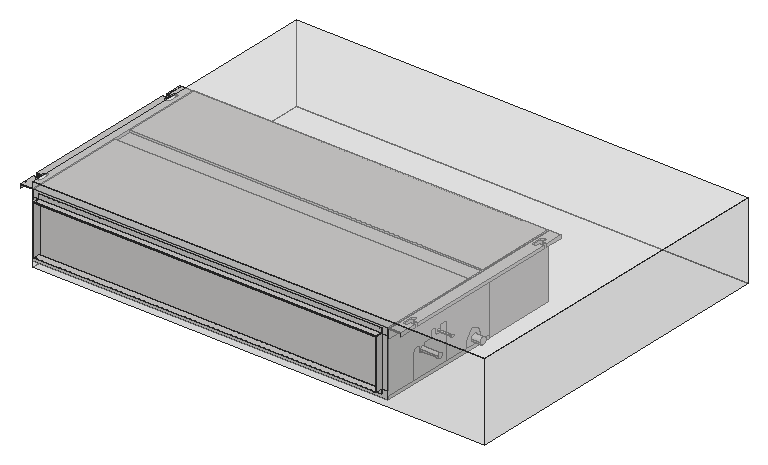
Revit family "outputfile", category 機械設備, Revit 2024
Family settings
  丸型コネクタ寸法 = 半径を使用
  パーツ タイプ = 標準
  OmniClass 番号 = 23.75.10.24.21.27.27
  OmniClass タイトル = Split System Air Conditioning Units
  作業面ベース = いいえ
  常に垂直 = はい
  ロード時にボイドで切り取り = いいえ
  注釈の向きを維持 = いいえ
  共有 = いいえ
  部屋計算ポイント = はい
Parameters (values of type "CDXM60RVM4")
  Description = ""
  書き出し IFC クラス(タイプ) = "IfcUnitaryEquipmentType"
  定義済み IFC タイプ(タイプ) = "AIRCONDITIONINGUNIT"
  Cost = 0
  Type Comments = ""
  Keynote = ""
  Type Image = (empty or 0)
  Assembly Code = ""
  switch_frequency = yes
  ld_powersupply = Depth / 2  # 310.0 mm
  製造元 = "Daikin"
  モデル = "CDXM60RVM4"
  r_Liquid Pipe Size = Liquid Pipe Size / 2  # 3.2 mm
  r_Gas Pipe Size = Gas Pipe Size / 2  # 6.35 mm
  r_Drain Pipe Size = Drain Pipe Size / 2  # 10.0 mm
  lw_powersupply = 50.0 mm  # constant formula
  lw_ductflange2 = 1020.0 mm
  lw_Width = 1060.0 mm
  lh_suctionflange [instance] = 100.0 mm  # constant formula
  ld_suctionflange [instance] = if(Rear Connection_Return Air, 190.0 mm, 100.0 mm)  # 190.0 mm
  connector_voltage = Voltage_50Hz  # 230 V
  connector_powerinput = if([Power Input (Cooling)] > [Power Input (Heating)], [Power Input (Cooling)], [Power Input (Heating)])  # 0.000 kW
  connector_phase = Phase_50Hz  # 1
  angle_vertical_RA [instance] = if(Rear Connection_Return Air, 90.00°, 0.00°)  # 90.00°
  angle horizontal_RA [instance] = if(Rear Connection_Return Air, 180.00°, 270.00°)  # 180.00°
  Voltage_comment_50Hz = "220 - 240"
  Voltage_50Hz = 230 V
  URL = ""
  Supply Air Direction [instance] = yes
  Sound Power Level_H speed (dB) = 0
  Rear Connection_Return Air [instance] = not(Bottom Connection_Return Air)  # yes
  RA_length [instance] = if(Rear Connection_Return Air, 190.0 mm, 100.0 mm)  # 190.0 mm
  Phase_50Hz = 1
  Minimum External Static Pressure = 0.00 Pa
  Minimum Circuit Amps_50Hz = 0.0 A
  Maximum Fuse Amps_50Hz = 0.0 A
  Maximum External Static Pressure = 40.00 Pa
  Material_Casing = DAIKIN_GalvanizedSteel_Casing_indoorunit
  lw_liquidpipe = 46.0 mm  # constant formula
  lw_gaspipe = 57.0 mm  # constant formula
  lw_mountinghole = 1140.0 mm
  lw_drainpipe = 30.0 mm  # constant formula
  lh_powersupply = 150.0 mm  # constant formula
  lh_liquidpipe = 90.0 mm  # constant formula
  lh_gaspipe = 113.0 mm  # constant formula
  lh_mountinghole = Height  # 200.0 mm
  lh_drainpipe = 170.0 mm  # constant formula
  lh_antena = 1.0 mm  # constant formula
  ld_liquidpipe = 193.0 mm  # constant formula
  ld_gaspipe = 130.0 mm  # constant formula
  ld_mountinghole = 500.0 mm  # constant formula
  ld_drainpipe = 330.0 mm  # constant formula
  ld_controlbox = 626.0 mm  # constant formula
  h*** = 0.0 mm  # constant formula
  d_dischargeflange = 21.2 mm  # constant formula
  Width = 1100.0 mm
  Version = "ver.1.0"
  Unit Type = "Duct (L.S.P)"
  Unit Mass Weight = 30.00 kg
  Unit Designation [instance] = ""
  Uniclass2015Version = "Products v1.30"
  Uniclass2015Title = "Split coil room air conditioning units"
  Uniclass2015Code = "Pr_70_65_03_86"
  Total Heating Capacity [instance] = 0.000 kW
  Total Cooling Capacity [instance] = 0.000 kW
  Sound Pressure Level_M speed (dBA) = 36
  Sound Pressure Level_L speed (dBA) = 34
  Sound Pressure Level_H speed (dBA) = 38
  Series = "Multi Split_Fan Coil Unit"
  Sensible Cooling Capacity [instance] = 0.000 kW
  SA Duct Size Width = 1060.0 mm
  SA Duct Size Height = 153.0 mm
  Refrigerant Type = "R32"
  RA Duct Size Width = 980.0 mm
  RA Duct Size Height = 160.0 mm
  Power Input (Heating) = 0.000 kW
  Power Input (Cooling) = 0.000 kW
  Option Accessory 3 [instance] = ""
  Option Accessory 2 [instance] = ""
  Option Accessory 1 [instance] = ""
  Nominal Heating Capacity = 7.300 kW
  Nominal Cooling Capacity = 6.000 kW
  Minimum Airflow = 810.00 m³/h
  Median Airflow = 888.00 m³/h
  Maximum Airflow = 960.00 m³/h
  Load Classification = HVAC
  Liquid Pipe Size = 6.4 mm
  Link_Nested Family [instance] = ""
  IfcVersion = ""
  IfcExportType = "AIRCONDITIONINGUNIT"
  IfcExportAs = "IfcUnitaryEquipmentType"
  Height = 200.0 mm
  Heating Entering Wet Bulb Temperature [instance] = 0.00 °C
  Heating Entering Dry Bulb Temperature [instance] = 0.00 °C
  Heating Ambient Wet Bulb Temperature [instance] = 0.00 °C
  Heating Ambient Dry Bulb Temperature [instance] = 0.00 °C
  Heat Exchanger Type = "Cross Fin Coil"
  Gas Pipe Size = 12.7 mm
  Frequency_50Hz = 50 Hz
  Fan Type = "Sirocco Fan"
  Fan Drive = "Direct Drive"
  FCU Tag No. [instance] = ""
  Drain Pipe Size = 20.0 mm
  Design Supply Airflow [instance] = 0.00 m³/h
  Design Return Airflow [instance] = 0.00 m³/h
  Design External Static Pressure [instance] = 0.00 Pa
  Depth = 620.0 mm
  既定の高さ = 0.0 mm
  Cooling Entering Wet Bulb Temperature [instance] = 0.00 °C
  Cooling Entering Dry Bulb Temperature [instance] = 0.00 °C
  Cooling Ambient Wet Bulb Temperature [instance] = 0.00 °C
  Cooling Ambient Dry Bulb Temperature [instance] = 0.00 °C
  Clearance visibility [instance] = yes
  Clearance Top = 20.0 mm
  Clearance Right = 300.0 mm
  Clearance Rear = 400.0 mm
  Clearance Left = 0.0 mm
  Clearance Front = 0.0 mm
  Clearance Bottom = 20.0 mm
  Bottom Connection_Return Air [instance] = no
Reference planes
  plane 1 "Center (Front/Back)": y = 0
  plane 2: z = 0
  plane 3 "Center (Left/Right)": x = 0
  plane 4 "Back": y = 310
  plane 5 "Front": y = -310
  plane 6 "Left": x = -550
  plane 7 "Right": x = 550
  plane 8 "Top": z = 0
  plane 9 "Bottom": z = -200
  plane 10: x = -570
  plane 11: x = 570
  plane 12: y = 250
  plane 13: z = 0
  plane 14 "Clearance Left": x = -550
  plane 15 "Clearance Right": x = 850
  plane 16 "Clearance Rear": y = 710
  plane 17 "Clearance Front": y = -310
  plane 18 "Clearance Top": z = 20
  plane 19 "Clearance Bottom": z = -220
  plane 20: y = -250
  plane 21: z = -21
  plane 22: z = -97.5
  plane 23: x = -40
  plane 24: y = 120
  plane 25: z = -100
  plane 26: y = -180
  plane 27: z = -113
  plane 28: y = -117
  plane 29: z = -90
  plane 30: y = 20
  plane 31: z = -170
  plane 32: x = 607
  plane 33: x = 596
  plane 34: x = 580
  plane 35: x = 500
  plane 36: z = -150
Forms (mm)
  Extrusion 1, solid, material "DAIKIN_GalvanizedSteel_Casing_indoorunit" <- "Material_Casing"
    sketch origin (0, 0, 0) x (1, 0, 0) y (0, 1, 0)
      loop
        line (-550, -310) -> (550, -310) -> (550, 310) -> (-550, 310) -> (-550, -310)
    from -200 to 0
  Extrusion 2, void
    sketch origin (0, 0, 1) x (1, 0, 0) y (0, 1, 0)
      loop
        line (-550, 61.5) -> (-550, 3.5) -> (550, 3.5) -> (550, 61.5) -> (-550, 61.5)
    from -1 to -7
  Extrusion 3, solid, material "DAIKIN_GalvanizedSteel_Casing_indoorunit" <- "Material_Casing", visible <- "Bottom Connection_Return Air"
    sketch origin (0, 0, 0) x (1, 0, 0) y (0, 0, 1)
      loop
        line (469, -200) -> (469, -1) -> (-549, -1) -> (-549, -200) -> (469, -200)
    from -310 to -309
  Extrusion 4, solid, material "DAIKIN_GalvanizedSteel_Casing_indoorunit" <- "Material_Casing", visible <- "Rear Connection_Return Air"
    sketch origin (0, 0, 0) x (1, 0, 0) y (0, 1, 0)
      loop
        line (-549, 310) -> (-549, 111) -> (469, 111) -> (469, 310) -> (-549, 310)
    from -200 to -199
  Extrusion 5, solid, material "DAIKIN_GalvanizedSteel_Casing_indoorunit" <- "Material_Casing"
    sketch origin (550, 0, 0) x (0, 1, 0) y (0, 0, 1)
      loop
        circle (-180, -113) r 6.35
    from 0 to 57
  Extrusion 6, solid, material "DAIKIN_GalvanizedSteel_Casing_indoorunit" <- "Material_Casing"
    sketch origin (550, 0, 0) x (0, 1, 0) y (0, 0, 1)
      loop
        circle (-117, -90) r 3.2
    from 0 to 46
  Extrusion 7, solid, material "DAIKIN_GalvanizedSteel_Casing_indoorunit" <- "Material_Casing"
    sketch origin (550, 0, 0) x (0, 1, 0) y (0, 0, 1)
      loop
        circle (20, -170) r 10
    from 0 to 30
  Extrusion 8, solid, material "DAIKIN_GalvanizedSteel_Casing_indoorunit" <- "Material_Casing"
    sketch origin (550, 0, 0) x (0, 1, 0) y (0, 0, 1)
      loop
        line (-310, -200) -> (78.6, -200) -> (78.6, -193)
        arc (78.6, -193) -> (77.721, -190.879) -> (75.6, -190) r 3
        line (75.6, -190) -> (-310, -190) -> (-310, -200)
    from 0 to -1
  Extrusion 9, solid, material "DAIKIN_GalvanizedSteel_Casing_indoorunit" <- "Material_Casing"
    sketch origin (550, 0, 0) x (0, 1, 0) y (0, 0, 1)
      loop
        line (-210, -190) -> (-85.6, -190) -> (-85.6, -83)
        arc (-85.6, -83) -> (-86.479, -80.879) -> (-88.6, -80) r 3
        line (-88.6, -80) -> (-102, -80)
        arc (-102, -80) -> (-104.121, -80.879) -> (-105, -83) r 3
        line (-105, -83) -> (-105, -90)
        arc (-105, -90) -> (-117, -102) -> (-129, -90) r 12
        line (-129, -90) -> (-129, -83)
        arc (-129, -83) -> (-129.879, -80.879) -> (-132, -80) r 3
        line (-132, -80) -> (-136.1, -80)
        arc (-136.1, -80) -> (-138.221, -80.879) -> (-139.1, -83) r 3
        line (-139.1, -83) -> (-139.1, -102.7) -> (-165, -102.7)
        arc (-165, -102.7) -> (-167.121, -103.579) -> (-168, -105.7) r 3
        line (-168, -105.7) -> (-168, -113)
        arc (-168, -113) -> (-180, -125) -> (-192, -113) r 12
        line (-192, -113) -> (-192, -105.7)
        arc (-192, -105.7) -> (-192.879, -103.579) -> (-195, -102.7) r 3
        line (-195, -102.7) -> (-207, -102.7)
        arc (-207, -102.7) -> (-209.121, -103.579) -> (-210, -105.7) r 3
        line (-210, -105.7) -> (-210, -190)
    from 0 to -1
  Extrusion 10, solid, material "DAIKIN_GalvanizedSteel_Casing_indoorunit" <- "Material_Casing"
    sketch origin (550, 0, 0) x (0, 1, 0) y (0, 0, 1)
      loop
        arc (44.5, -170) -> (20, -145.5) -> (-4.5, -170) r 24.5
        line (-4.5, -170) -> (-4.5, -190) -> (44.5, -190) -> (44.5, -170)
    from 0 to -1
  Extrusion 11, solid, material "DAIKIN_GalvanizedSteel_Casing_indoorunit" <- "Material_Casing"
    sketch origin (550, 0, 0) x (0, 1, 0) y (0, 0, 1)
      loop
        arc (86.6, -22) -> (84.479, -22.879) -> (83.6, -25) r 3
        line (83.6, -25) -> (83.6, -194.5)
        arc (83.6, -194.5) -> (84.479, -196.621) -> (86.6, -197.5) r 3
        line (86.6, -197.5) -> (307, -197.5)
        arc (307, -197.5) -> (309.121, -196.621) -> (310, -194.5) r 3
        line (310, -194.5) -> (310, -25)
        arc (310, -25) -> (309.121, -22.879) -> (307, -22) r 3
        line (307, -22) -> (86.6, -22)
    from 0 to -1
Cuts and joins
  Extrusion 2 cuts Extrusion 1
Dimensions and locks
  "Height": plane 8 "Top" to plane 9 "Bottom"
  equal spacing: plane 10, plane 3 "Center (Left/Right)", plane 11
  "lw_mountinghole": plane 10 to plane 11
  equal spacing: plane 6 "Left", plane 3 "Center (Left/Right)", plane 7 "Right"
  "Width": plane 6 "Left" to plane 7 "Right"
  "Clearance Right": plane 7 "Right" to plane 15 "Clearance Right"
  "Clearance Left": plane 14 "Clearance Left" to plane 6 "Left"
  "Clearance Rear": plane 16 "Clearance Rear" to plane 4 "Back"
  "Clearance Front": plane 5 "Front" to plane 17 "Clearance Front"
  "Clearance Top": plane 18 "Clearance Top" to plane 8 "Top"
  "Clearance Bottom": plane 9 "Bottom" to plane 19 "Clearance Bottom"
  "Depth": plane 4 "Back" to plane 5 "Front"
  equal spacing: plane 4 "Back", plane 1 "Center (Front/Back)", plane 5 "Front"
  Extrusion 3 sketch curve to Extrusion 3 sketch curve = 199.0 mm
  locked: plane 20 to plane 5 "Front" at 60
  "ld_mountinghole": plane 12 to plane 20
  locked: plane 8 "Top" to plane 21 at 21
  locked: plane 23 to plane 3 "Center (Left/Right)" at 40
  "ld_suctionflange": plane 4 "Back" to plane 24
  "lh_suctionflange": plane 8 "Top" to plane 25
  "ld_gaspipe": plane 26 to plane 5 "Front"
  "lh_gaspipe": plane 8 "Top" to plane 27
  "ld_liquidpipe": plane 28 to plane 5 "Front"
  "lh_liquidpipe": plane 8 "Top" to plane 29
  "ld_drainpipe": plane 30 to plane 5 "Front"
  "lh_drainpipe": plane 8 "Top" to plane 31
  "lw_gaspipe": plane 7 "Right" to plane 32
  "lw_liquidpipe": plane 7 "Right" to plane 33
  "lw_drainpipe": plane 7 "Right" to plane 34
  "lw_powersupply": plane 35 to plane 7 "Right"
  "lh_powersupply": plane 8 "Top" to plane 36
  "r_Gas Pipe Size": radius of Extrusion 5 sketch curve
  "r_Liquid Pipe Size": radius of Extrusion 6 sketch curve
  "r_Drain Pipe Size": radius of Extrusion 7 sketch curve
  aligned and locked: level to plane 2
  aligned and locked: Extrusion 1 to plane 9 "Bottom"
  aligned and locked: plane 8 "Top" to Extrusion 1
  aligned and locked: plane 11 to nested 2
  aligned and locked: plane 10 to nested 3
  aligned and locked: plane 10 to nested 4
  aligned and locked: plane 8 "Top" to Extrusion 2
  aligned and locked: plane 9 "Bottom" to Extrusion 4  (x2)
  aligned and locked: plane 7 "Right" to cut or joined group of Extrusion 1, Extrusion 2  (x2)
  aligned and locked: plane 3 "Center (Left/Right)" to nested 9
  aligned and locked: plane 6 "Left" to nested 7
  aligned and locked: plane 8 "Top" to nested 9
  aligned and locked: plane 11 to nested 1
  aligned and locked: nested 6 to plane 1 "Center (Front/Back)"
  aligned and locked: plane 3 "Center (Left/Right)" to nested 6
  aligned and locked: level to plane 8 "Top"
  aligned and locked: plane 1 "Center (Front/Back)" to nested 9
  aligned and locked: plane 5 "Front" to nested 10
  aligned and locked: Extrusion 1 sketch curve to plane 5 "Front"
  aligned and locked: plane 21 to nested 10
  aligned and locked: nested 5 to plane 5 "Front"
  aligned and locked: plane 3 "Center (Left/Right)" to nested 5
  aligned and locked: plane 22 to nested 5
  aligned and locked: Extrusion 2 sketch curve to plane 6 "Left"
  aligned and locked: plane 7 "Right" to Extrusion 2 sketch curve
  aligned and locked: nested 11 to plane 23
  aligned and locked: nested 11 to plane 24
  aligned and locked: plane 27 to Extrusion 5 sketch curve
  aligned and locked: plane 26 to Extrusion 5 sketch curve
  aligned and locked: plane 28 to Extrusion 6 sketch curve
  aligned and locked: plane 29 to Extrusion 6 sketch curve
  aligned and locked: plane 31 to Extrusion 7 sketch curve
  aligned and locked: plane 30 to Extrusion 7 sketch curve
  aligned and locked: plane 26 to nested 12
  aligned and locked: nested 12 to plane 27
  aligned and locked: plane 32 to Extrusion 5
  aligned and locked: plane 32 to nested 12
  aligned and locked: plane 33 to Extrusion 6
  aligned and locked: plane 28 to nested 13
  aligned and locked: nested 13 to plane 29
  aligned and locked: plane 33 to nested 13
  aligned and locked: plane 34 to Extrusion 7
  aligned and locked: plane 30 to nested 14
  aligned and locked: nested 14 to plane 31
  aligned and locked: plane 34 to nested 14
  aligned and locked: Extrusion 8 sketch curve to plane 9 "Bottom"
  aligned and locked: Extrusion 8 sketch curve to plane 5 "Front"
  aligned and locked: plane 14 "Clearance Left" to nested 15
  aligned and locked: plane 15 "Clearance Right" to nested 15
  aligned and locked: plane 16 "Clearance Rear" to nested 15
  aligned and locked: nested 15 to plane 17 "Clearance Front"
  aligned and locked: nested 15 to plane 18 "Clearance Top"
  aligned and locked: nested 15 to plane 19 "Clearance Bottom"
  aligned and locked: nested 16 to plane 35
  aligned and locked: nested 16 to plane 36
  aligned and locked: plane 4 "Back" to nested 16
Automatic sketch dimensions
  Extrusion 1 sketch curve to plane 4 "Back" = 0.0 mm
  Extrusion 1 sketch curve to plane 6 "Left" = 0.0 mm
  Extrusion 1 sketch curve to plane 7 "Right" = 0.0 mm
  Extrusion 4 sketch curve to plane 4 "Back" = 0.0 mm
  plane 6 "Left" to Extrusion 3 sketch curve = 1.0 mm
  plane 6 "Left" to Extrusion 4 sketch curve = 1.0 mm
  Extrusion 4 sketch curve to plane 1 "Center (Front/Back)" = 111.0 mm
  Extrusion 3 sketch curve to plane 9 "Bottom" = 0.0 mm
  Extrusion 3 sketch curve to plane 7 "Right" = 81.0 mm
  Extrusion 4 sketch curve to plane 7 "Right" = 81.0 mm
  Extrusion 2 sketch curve to plane 1 "Center (Front/Back)" = 3.5 mm
  Extrusion 2 sketch curve to Extrusion 2 sketch curve = 58.0 mm
  plane 9 "Bottom" to Extrusion 8 sketch curve = 7.0 mm
  Extrusion 8 sketch curve to plane 24 = 44.4 mm
  Extrusion 8 sketch curve to Extrusion 8 sketch curve = 3.0 mm
  Extrusion 9 sketch curve to plane 27 = 0.0 mm
  Extrusion 9 sketch curve to plane 26 = 0.0 mm
  Extrusion 9 sketch curve to plane 29 = 0.0 mm
  Extrusion 9 sketch curve to plane 28 = 0.0 mm
  Extrusion 9 sketch curve to plane 26 = 12.0 mm
  Extrusion 9 sketch curve to plane 25 = 2.7 mm  (x2)
  Extrusion 9 sketch curve to Extrusion 9 sketch curve = 3.0 mm  (x6)
  Extrusion 9 sketch curve to Extrusion 9 sketch curve = 12.0 mm
  plane 9 "Bottom" to Extrusion 9 sketch curve = 10.0 mm
  Extrusion 9 sketch curve to plane 26 = 30.0 mm
  Extrusion 9 sketch curve to plane 28 = 22.1 mm
  Extrusion 9 sketch curve to Extrusion 9 sketch curve = 4.1 mm
  plane 29 to Extrusion 9 sketch curve = 7.0 mm  (x2)
  Extrusion 9 sketch curve to Extrusion 9 sketch curve = 13.4 mm
  Extrusion 10 sketch curve to plane 30 = 0.0 mm
  Extrusion 10 sketch curve to plane 31 = 0.0 mm
  plane 1 "Center (Front/Back)" to Extrusion 10 sketch curve = 4.5 mm
  plane 9 "Bottom" to Extrusion 10 sketch curve = 10.0 mm
  Extrusion 11 sketch curve to plane 4 "Back" = 0.0 mm
  Extrusion 11 sketch curve to Extrusion 11 sketch curve = 3.0 mm  (x3)
  Extrusion 11 sketch curve to plane 21 = 1.0 mm
  Extrusion 11 sketch curve to plane 21 = 4.0 mm
  Extrusion 11 sketch curve to plane 24 = 33.4 mm
  plane 9 "Bottom" to Extrusion 11 sketch curve = 5.5 mm
Nested families
  nested 1: "daikin_mountinghole" at (570, 250, -200), l_antenna <- "lh_antena", Link_Nested Family <- "Link_Nested Family", h_mountinghole <- "lh_mountinghole", type "daikin_mountinghole"
    with show yes, l_antenna 1.0 mm, h_mountinghole 200.0 mm, Link_Nested Family ""
  nested 2: "daikin_mountinghole" at (570, -250, -200), Link_Nested Family <- "Link_Nested Family", l_antenna <- "lh_antena", h_mountinghole <- "lh_mountinghole", type "daikin_mountinghole"
    with show yes, l_antenna 1.0 mm, h_mountinghole 200.0 mm, Link_Nested Family ""
  nested 3: "daikin_mountinghole" at (-570, -250, -200), l_antenna <- "lh_antena", Link_Nested Family <- "Link_Nested Family", h_mountinghole <- "lh_mountinghole", type "daikin_mountinghole"
    with show yes, l_antenna 1.0 mm, h_mountinghole 200.0 mm, Link_Nested Family ""
  nested 4: "daikin_mountinghole" at (-570, 250, -200), l_antenna <- "lh_antena", Link_Nested Family <- "Link_Nested Family", h_mountinghole <- "lh_mountinghole", type "daikin_mountinghole"
    with show yes, l_antenna 1.0 mm, h_mountinghole 200.0 mm, Link_Nested Family ""
  nested 5: "daikin_connector_rotate2" at (0, -310, -97.5), length <- "d_dischargeflange", type "daikin_connector_rotate2"
    with radius 10.0 mm, length 21.2 mm, angle_vertical 90.00°, show_face no
  nested 6: "daikin_△_symbolicline" at (-75, -129.904, 200) x (-0.5, 0.866, 0) z (0, 0, 1), built-in parameter 1001364 <- "Height", visible <- "Supply Air Direction", type "daikin_△_symbolicline"
    with length 300.0 mm
  nested 7: "daikin_ductflange_CDXM-RVM4_1" at (-40, 310, -100), visible <- "Rear Connection_Return Air", material <- "Material_Casing", width <- "lw_ductflange2", type "daikin_ductflange_CDXM-RVM4_1"
    with width 1020.0 mm, material DAIKIN_GalvanizedSteel_Casing_indoorunit, height 180.0 mm, depth 21.2 mm
  nested 8: "daikin_ductflange_CDXM-RVM4_1" at (-40, 210, -200) x (1, 0, 0) z (0, 1, 0), visible <- "Bottom Connection_Return Air", material <- "Material_Casing", width <- "lw_ductflange2", type "daikin_ductflange_CDXM-RVM4_1"
    with width 1020.0 mm, material DAIKIN_GalvanizedSteel_Casing_indoorunit, height 180.0 mm, depth 21.2 mm
  nested 9: "daikin_hangerfixture_CDXM-RVM4" at (0, 0, 0), type "daikin_hangerfixture_CDXM-RVM4"
    with width 1100.0 mm
  nested 10: "daikin_ductflange_CDXM-RVM4" at (0, 3.5, -364.201), width <- "lw_Width", material <- "Material_Casing", type "daikin_ductflange_CDXM-RVM4"
    with width 1060.0 mm, material DAIKIN_GalvanizedSteel_Casing_indoorunit, height 155.0 mm, depth 21.2 mm
  nested 11: "daikin_connector_rotate3" at (-40, 120, -100), length <- "RA_length", angle_vertical <- "angle_vertical_RA", angle_horizontal <- "angle horizontal_RA", type "daikin_connector_rotate3"
    with show no, radius 10.0 mm, length 190.0 mm, angle_vertical 90.00°, angle_horizontal 180.00°
  nested 12: "daikin_connector_rotate2" at (550, -180, -113) x (0, 1, 0) z (0, 0, 1), length <- "lw_gaspipe", radius <- "r_Gas Pipe Size", type "daikin_connector_rotate2"
    with radius 6.35 mm, length 57.0 mm, angle_vertical 90.00°, show_face no
  nested 13: "daikin_connector_rotate2" at (550, -117, -90) x (0, 1, 0) z (0, 0, 1), radius <- "r_Liquid Pipe Size", length <- "lw_liquidpipe", type "daikin_connector_rotate2"
    with radius 3.2 mm, length 46.0 mm, angle_vertical 90.00°, show_face no
  nested 14: "daikin_connector_rotate2" at (550, 20, -170) x (0, 1, 0) z (0, 0, 1), radius <- "r_Drain Pipe Size", length <- "lw_drainpipe", type "daikin_connector_rotate2"
    with radius 10.0 mm, length 30.0 mm, angle_vertical 90.00°, show_face no
  nested 15: "daikin_clearancespace" at (150, 200, -99.881), visible <- "Clearance visibility", Link_Nested Family <- "Link_Nested Family", show <- "Clearance visibility", type "daikin_clearancespace"
    with width 1400.0 mm, show yes, height 240.0 mm, depth 1020.0 mm, Link_Nested Family ""
  nested 16: "daikin_connector_rotate2" at (500, 0, -150) x (-1, 0, 0) z (0, 0, 1), length <- "ld_powersupply", type "daikin_connector_rotate2"
    with radius 10.0 mm, length 310.0 mm, angle_vertical 90.00°, show_face no
Connectors
  hvac at (0, -331.2, -97.5), driven by "SA Duct Size Height", driven by "SA Duct Size Width"
    settings: on nested 5, index 1, duct flow 0.00 m³/h, flow factor 0, pres drop 0.00 Pa, loss coef 0, conn angle 0.00°, conn width 1060.0 mm, conn height 153.0 mm, conn diameter 609.6 mm, duct sys type 1, conn prof type 1, flow config 0, flow direction 2, loss method 4, conn ref index -1, conn util no, is conn primary yes, conn desc "SA Duct"
  hvac at (-40, 310, -100), driven by "RA Duct Size Height", driven by "RA Duct Size Width"
    settings: on nested 11, index 2, duct flow 0.00 m³/h, flow factor 0, pres drop 0.00 Pa, loss coef 0, conn angle 0.00°, conn width 980.0 mm, conn height 160.0 mm, conn diameter 609.6 mm, duct sys type 2, conn prof type 1, flow config 0, flow direction 1, loss method 4, conn ref index -1, conn util no, is conn primary no, conn desc "RA Duct"
  piping at (607, -180, -113), diameter 12.7, driven by "r_Gas Pipe Size"
    settings: on nested 12, index 3, connector inside diameter 609.6 mm, connector length 0.0 mm, flow factor 0, pipe flow 0.00 m³/h, pressure drop 0.0 Pa, fitting loss kfactor 0, connector angle 0.00°, fixture units 0, engagement length 0.0 mm, angle of deflection 0.00°, flow configuration 1, flow direction 2, fitting loss method 0, system type 29, joint type 0, gender type 0, connector reference index -1, connector utility 0, adjustable connector no, is connector primary yes, connector description "Refrigerant Gas Piping"
  piping at (596, -117, -90), diameter 6.4, driven by "r_Liquid Pipe Size"
    settings: on nested 13, index 4, connector inside diameter 609.6 mm, connector length 0.0 mm, flow factor 0, pipe flow 0.00 m³/h, pressure drop 0.0 Pa, fitting loss kfactor 0, connector angle 0.00°, fixture units 0, engagement length 0.0 mm, angle of deflection 0.00°, flow configuration 1, flow direction 1, fitting loss method 0, system type 29, joint type 0, gender type 0, connector reference index -1, connector utility 0, adjustable connector no, is connector primary no, connector description "Refrigerant Liquid Piping"
  piping at (580, 20, -170), diameter 20, driven by "r_Drain Pipe Size"
    settings: on nested 14, index 5, connector inside diameter 609.6 mm, connector length 0.0 mm, flow factor 0, pipe flow 0.00 m³/h, pressure drop 0.0 Pa, fitting loss kfactor 0, connector angle 0.00°, fixture units 0, engagement length 0.0 mm, angle of deflection 0.00°, flow configuration 1, flow direction 2, fitting loss method 4, system type 16, joint type 0, gender type 0, connector reference index -1, connector utility 0, adjustable connector no, is connector primary no, connector description "Condensate Drain Piping"
  electrical at (500, 310, -150), driven by "Load Classification", driven by "connector_phase", driven by "connector_voltage", driven by "connector_powerinput"
    settings: on nested 16, index 6, voltage 230 V, apparent load 0 VA, apparent load phase1 0 VA, apparent load phase2 0 VA, apparent load phase3 0 VA, power factor 1, load classification "HVAC", number of poles 1, system type 30, power factor state 1, is connector primary yes, connector utility no, sub classification motor no, connector description "Power Supply"
Definition of nested family "daikin_ductflange_CDXM-RVM4_1"
  Parameters (values of type "daikin_ductflange_CDXM-RVM4_1")
    width [instance] = 620.0 mm
    material [instance] = none
    height [instance] = 180.0 mm
    depth [instance] = 21.2 mm
    Default Elevation = 0.0 mm
  Reference planes
    plane 1 "Center (Front/Back)": y = 0
    plane 2: z = 0
    plane 3 "Center (Left/Right)": x = 0
    plane 4: x = -310
    plane 5: x = 310
    plane 6: z = 90
    plane 7: z = -90
    plane 8: z = 100
    plane 9: z = -100
    plane 10: x = -309
    plane 11: x = 309
  Forms (mm)
    Extrusion 1, solid, material <- "material"
      sketch origin (0, 0, 0) x (1, 0, 0) y (0, 0, 1)
        loop
          line (-290, 80) -> (-290, -80) -> (290, -80) -> (290, 80) -> (-290, 80)
        loop
          line (-309, -99) -> (309, -99) -> (309, 99) -> (-309, 99) -> (-309, -99)
      from 0 to 1
  Dimensions and locks
    equal spacing: plane 5, plane 3 "Center (Left/Right)", plane 4, locked at 310 each
    "width": plane 5 to plane 4
    equal spacing: plane 6, level, plane 7, locked at 90 each
    "height": plane 6 to plane 7
    equal spacing: plane 8, level, plane 9, locked at 100 each
    locked: plane 8 to plane 9 at 200
    plane 10 to plane 4 = 1.0 mm
    locked: plane 5 to plane 11 at 1
    locked: Extrusion 1 sketch curve to Extrusion 1 sketch curve at 19  (x4)
    locked: plane 8 to Extrusion 1 sketch curve at 1
    locked: Extrusion 1 sketch curve to plane 9 at 1
    aligned and locked: level to plane 2
  Automatic sketch dimensions
    plane 4 to Extrusion 1 sketch curve = 1.0 mm
    Extrusion 1 sketch curve to plane 5 = 1.0 mm
Definition of nested family "daikin_hangerfixture_CDXM-RVM4"
  Parameters (values of type "daikin_hangerfixture_CDKS-EAVMA")
    width = 700.0 mm
    material = none
    height = 30.0 mm
    depth = 618.0 mm
    Default Elevation = 0.0 mm
  Reference planes
    plane 1 "Center (Front/Back)": y = 0
    plane 2: z = 0
    plane 3 "Center (Left/Right)": x = 0
    plane 4: x = 350
    plane 5: y = 309
    plane 6: y = -309
    plane 7: x = -350
    plane 8: z = -30
  Forms (mm)
    Extrusion 1, solid, material <- "material"
      sketch origin (0, 0, 0) x (1, 0, 0) y (0, 0, 1)
        loop
          line (350, 0) -> (350, -30) -> (352.3, -30) -> (352.3, -2.3) -> (387.7, -2.3) -> (387.7, -10) -> (390, -10) -> (390, 0) -> (350, 0)
      from -309 to 309
    Extrusion 2, void
      sketch origin (0, 0, 0) x (0, 1, 0) y (0, 0, 1)
        loop
          line (309, -30) -> (309, -17.979) -> (87.935, -17.979) -> (75.914, -30) -> (309, -30)
      from 0 to 450
    Extrusion 3, void
      sketch origin (0, 0, 0) x (1, 0, 0) y (0, 1, 0)
        loop
          line (390, -243.5) -> (377, -243.5) -> (377, -237)
          arc (377, -237) -> (370, -230) -> (363, -237) r 7
          line (363, -237) -> (363, -263)
          arc (363, -263) -> (370, -270) -> (377, -263) r 7
          line (377, -263) -> (377, -256.5) -> (390, -256.5) -> (390, -243.5)
        loop
          line (390, 243.5) -> (390, 256.5) -> (377, 256.5) -> (377, 263)
          arc (377, 263) -> (370, 270) -> (363, 263) r 7
          line (363, 263) -> (363, 237)
          arc (363, 237) -> (370, 230) -> (377, 237) r 7
          line (377, 237) -> (377, 243.5) -> (390, 243.5)
      from -254.96 to 618
    Extrusion 4, solid, material <- "material"
      sketch origin (0, 0, 0) x (-1, 0, 0) y (0, 0, -1)
        loop
          line (350, 0) -> (390, 0) -> (390, 10) -> (387.7, 10) -> (387.7, 2.3) -> (352.3, 2.3) -> (352.3, 30) -> (350, 30) -> (350, 0)
      from -309 to 309
    Extrusion 5, void
      sketch origin (0, 0, 0) x (-1, 0, 0) y (0, -1, 0)
        loop
          line (390, 243.5) -> (390, 256.5) -> (377, 256.5) -> (377, 263)
          arc (377, 263) -> (370, 270) -> (363, 263) r 7
          line (363, 263) -> (363, 237)
          arc (363, 237) -> (370, 230) -> (377, 237) r 7
          line (377, 237) -> (377, 243.5) -> (390, 243.5)
        loop
          line (390, -243.5) -> (377, -243.5) -> (377, -237)
          arc (377, -237) -> (370, -230) -> (363, -237) r 7
          line (363, -237) -> (363, -263)
          arc (363, -263) -> (370, -270) -> (377, -263) r 7
          line (377, -263) -> (377, -256.5) -> (390, -256.5) -> (390, -243.5)
      from -254.96 to 618
  Cuts and joins
    Extrusion 2, Extrusion 3, Extrusion 5 cuts Extrusion 1
    Extrusion 5 cuts Extrusion 4
  Dimensions and locks
    equal spacing: plane 5, plane 1 "Center (Front/Back)", plane 6
    "depth": plane 5 to plane 6
    plane 6 to plane 1 "Center (Front/Back)" to plane 5 = 309.0 mm, 309.0 mm
    equal spacing: plane 4, plane 3 "Center (Left/Right)", plane 7
    "width": plane 4 to plane 7
    "height": level to plane 8
    aligned and locked: level to plane 2
    aligned and locked: plane 5 to Extrusion 1
    aligned and locked: Extrusion 1 to plane 6
    aligned and locked: Extrusion 1 to plane 4
    aligned and locked: plane 5 to cut or joined group of Extrusion 1, Extrusion 2, Extrusion 3, Extrusion 5
    aligned and locked: cut or joined group of Extrusion 1, Extrusion 2, Extrusion 3, Extrusion 5 to plane 6
    aligned and locked: level to cut or joined group of Extrusion 1, Extrusion 2, Extrusion 3, Extrusion 5
    aligned and locked: cut or joined group of Extrusion 1, Extrusion 2, Extrusion 3, Extrusion 5 to plane 8
    aligned and locked: plane 5 to cut or joined group of Extrusion 4, Extrusion 5
    aligned and locked: cut or joined group of Extrusion 4, Extrusion 5 to plane 6
  Automatic sketch dimensions
    Extrusion 1 sketch curve to plane 4 = 0.0 mm
    Extrusion 1 sketch curve to plane 8 = 0.0 mm
    Extrusion 1 sketch curve to level = 0.0 mm
    plane 4 to Extrusion 1 sketch curve = 2.3 mm
    Extrusion 1 sketch curve to level = 2.3 mm
    Extrusion 1 sketch curve to Extrusion 1 sketch curve = 35.4 mm
    Extrusion 1 sketch curve to Extrusion 1 sketch curve = 2.3 mm
    Extrusion 1 sketch curve to Extrusion 1 sketch curve = 7.7 mm
    Extrusion 2 sketch curve to plane 8 = 0.0 mm
    Extrusion 2 sketch curve to plane 5 = 0.0 mm
    plane 8 to Extrusion 2 sketch curve = 12.021 mm
    Extrusion 2 sketch curve to plane 1 "Center (Front/Back)" = 87.935 mm
    Extrusion 2 sketch curve to Extrusion 2 sketch curve = 12.021 mm
    plane 4 to Extrusion 3 sketch curve = 13.0 mm  (x2)
    Extrusion 3 sketch curve to Extrusion 3 sketch curve = 7.0 mm  (x4)
    Extrusion 3 sketch curve to Extrusion 3 sketch curve = 13.0 mm  (x4)
    plane 6 to Extrusion 3 sketch curve = 46.0 mm
    Extrusion 3 sketch curve to Extrusion 3 sketch curve = 6.5 mm  (x4)
    Extrusion 3 sketch curve to plane 5 = 72.0 mm
    Extrusion 4 sketch curve to plane 7 = 0.0 mm
    Extrusion 4 sketch curve to plane 8 = 0.0 mm
    Extrusion 4 sketch curve to level = 0.0 mm
    Extrusion 4 sketch curve to plane 7 = 2.3 mm
    Extrusion 4 sketch curve to level = 2.3 mm
    Extrusion 4 sketch curve to Extrusion 4 sketch curve = 35.4 mm
    Extrusion 4 sketch curve to Extrusion 4 sketch curve = 2.3 mm
    Extrusion 4 sketch curve to Extrusion 4 sketch curve = 7.7 mm
    Extrusion 5 sketch curve to plane 7 = 13.0 mm  (x2)
    Extrusion 5 sketch curve to Extrusion 5 sketch curve = 7.0 mm  (x4)
    Extrusion 5 sketch curve to Extrusion 5 sketch curve = 13.0 mm  (x4)
    Extrusion 5 sketch curve to plane 5 = 46.0 mm
    Extrusion 5 sketch curve to Extrusion 5 sketch curve = 6.5 mm  (x4)
    plane 6 to Extrusion 5 sketch curve = 72.0 mm
Definition of nested family "daikin_ductflange_CDXM-RVM4"
  Parameters (values of type "daikin_ductflange_FXDQ-NDVET")
    width [instance] = 660.0 mm
    material [instance] = none
    height [instance] = 155.0 mm
    depth [instance] = 21.2 mm
    Default Elevation = 0.0 mm
  Reference planes
    plane 1 "Center (Front/Back)": y = 0
    plane 2: z = 189.201
    plane 3 "Center (Left/Right)": x = 0
    plane 4: y = -313.5
    plane 5: x = -330
    plane 6: x = 330
    plane 7: y = -334.7
    plane 8: z = 344.201
    plane 9: z = 266.701
    plane 10: z = 343.201
    plane 11: z = 190.201
  Forms (mm)
    Extrusion 1, solid, material <- "material"
      sketch origin (0, 0, 189.201) x (1, 0, 0) y (0, 1, 0)
        loop
          line (-330, -334.7) -> (-330, -313.5) -> (-350, -313.5) -> (-350, -314.5) -> (-331, -314.5) -> (-331, -334.7) -> (-330, -334.7)
        loop
          line (330, -334.7) -> (331, -334.7) -> (331, -314.5) -> (350, -314.5) -> (350, -313.5) -> (330, -313.5) -> (330, -334.7)
      from 1 to 154
    Extrusion 2, solid, material <- "material"
      sketch origin (0, 0, 0) x (0, 1, 0) y (0, 0, 1)
        loop
          line (-313.5, 343.201) -> (-313.5, 358.201) -> (-314.5, 358.201) -> (-314.5, 344.201) -> (-334.7, 344.201) -> (-334.7, 343.201) -> (-313.5, 343.201)
        loop
          line (-313.5, 190.201) -> (-334.7, 190.201) -> (-334.7, 189.201) -> (-314.5, 189.201) -> (-314.5, 175.201) -> (-313.5, 175.201) -> (-313.5, 190.201)
      from -330 to 330
  Dimensions and locks
    plane 4 to plane 1 "Center (Front/Back)" = 313.5 mm
    "depth": plane 7 to plane 4
    equal spacing: plane 8, plane 9, level
    "height": plane 8 to level
    equal spacing: plane 6, plane 3 "Center (Left/Right)", plane 5
    "width": plane 6 to plane 5
    locked: plane 8 to plane 10 at 1
    locked: plane 11 to level at 1
    locked: Extrusion 1 to Extrusion 2 sketch curve at 1
    locked: Extrusion 2 sketch curve to Extrusion 1 at 1
    plane 10 to plane 11 = 153.0 mm
    aligned and locked: level to plane 2
    aligned and locked: Extrusion 2 to plane 5
    aligned and locked: Extrusion 2 to plane 11
    aligned and locked: Extrusion 2 to plane 10
    aligned and locked: plane 6 to Extrusion 2
    aligned and locked: plane 5 to Extrusion 2  (x2)
    aligned and locked: plane 5 to Extrusion 1  (x2)
    aligned and locked: Extrusion 1 to plane 6
    aligned and locked: plane 6 to Extrusion 1
    aligned and locked: Extrusion 1 to plane 10
  Automatic sketch dimensions
    Extrusion 2 sketch curve to plane 7 = 0.0 mm  (x2)
    Extrusion 2 sketch curve to plane 4 = 0.0 mm  (x2)
    Extrusion 2 sketch curve to plane 11 = 0.0 mm
    Extrusion 2 sketch curve to plane 10 = 0.0 mm
    Extrusion 2 sketch curve to plane 4 = 1.0 mm  (x2)
    Extrusion 2 sketch curve to level = 14.0 mm
    plane 8 to Extrusion 2 sketch curve = 14.0 mm
    Extrusion 1 sketch curve to plane 4 = 0.0 mm  (x2)
    Extrusion 1 sketch curve to plane 7 = 0.0 mm  (x2)
    Extrusion 1 sketch curve to plane 5 = 0.0 mm
    Extrusion 1 sketch curve to plane 6 = 0.0 mm
    Extrusion 1 sketch curve to plane 5 = 1.0 mm
    Extrusion 1 sketch curve to Extrusion 1 sketch curve = 19.0 mm  (x2)
    Extrusion 1 sketch curve to Extrusion 1 sketch curve = 1.0 mm
    Extrusion 1 sketch curve to plane 4 = 1.0 mm  (x2)
Definition of nested family "daikin_clearancespace"
  Parameters (values of type "daikin_clearancespace")
    Description = "daikin_clearancespace"
    width [instance] = 1823.963 mm
    show [instance] = yes
    material = none
    height [instance] = 1359.762 mm
    depth [instance] = 880.0 mm
    Default Elevation = 0.0 mm
    Link_Nested Family [instance] = ""
  Reference planes
    plane 1 "Center (Front/Back)": y = 0
    plane 2 "Center (Elevation)": z = -0.119
    plane 3 "Center (Left/Right)": x = 0
    plane 4: y = 440
    plane 5: y = -440
    plane 6 "Right": x = 911.982
    plane 7 "Left": x = -911.982
    plane 8 "Top": z = 679.762
    plane 9 "Bottom": z = -680
  Forms (mm)
    Extrusion 1, solid, material <- "material", visible <- "show"
      sketch origin (0, 0, 0) x (1, 0, 0) y (0, 1, 0)
        loop
          line (-911.982, 440) -> (-911.982, -440) -> (911.982, -440) -> (911.982, 440) -> (-911.982, 440)
      from -680 to 679.762
  Lines and regions (mm)
    symbolic lines, visible <- "show"
      curve 1: line (911.982, 440, 0) -> (-911.982, 440, 0)
      curve 2: line (-911.982, 440, 0) -> (-911.982, -440, 0)
      curve 3: line (-911.982, -440, 0) -> (911.982, -440, 0)
      curve 4: line (911.982, -440, 0) -> (911.982, 440, 0)
      curve 5: line (911.982, 0, 679.762) -> (-911.982, 0, 679.762)
      curve 6: line (911.982, 0, -680) -> (911.982, 0, 679.762)
      curve 7: line (-911.982, 0, -680) -> (911.982, 0, -680)
      curve 8: line (-911.982, 0, 679.762) -> (-911.982, 0, -680)
      curve 9: line (0, 440, 679.762) -> (0, -440, 679.762)
      curve 10: line (0, -440, 679.762) -> (0, -440, -680)
      curve 11: line (0, 440, -680) -> (0, 440, 679.762)
      curve 12: line (0, -440, -680) -> (0, 440, -680)
  Dimensions and locks
    "width": plane 7 "Left" to plane 6 "Right"
    "depth": plane 4 to plane 5
    "height": plane 8 "Top" to plane 9 "Bottom"
    equal spacing: plane 7 "Left", plane 3 "Center (Left/Right)", plane 6 "Right"
    equal spacing: plane 4, plane 1 "Center (Front/Back)", plane 5
    equal spacing: plane 8 "Top", plane 2 "Center (Elevation)", plane 9 "Bottom"
    aligned and locked: level to plane 2 "Center (Elevation)"
    aligned and locked: Extrusion 1 sketch curve to plane 4
    aligned and locked: plane 7 "Left" to Extrusion 1 sketch curve
    aligned and locked: Extrusion 1 sketch curve to plane 5
    aligned and locked: Extrusion 1 sketch curve to plane 6 "Right"
    aligned and locked: plane 8 "Top" to Extrusion 1
    aligned and locked: curve 1 to Extrusion 1
    aligned and locked: curve 2 to Extrusion 1
    aligned and locked: curve 3 to Extrusion 1
    aligned and locked: curve 4 to Extrusion 1
    aligned and locked: curve 5 to Extrusion 1
    aligned and locked: curve 6 to Extrusion 1
    aligned and locked: curve 7 to Extrusion 1
    aligned and locked: curve 8 to Extrusion 1
    aligned and locked: curve 9 to Extrusion 1
    aligned and locked: curve 10 to Extrusion 1
    aligned and locked: curve 11 to Extrusion 1
    aligned and locked: curve 12 to Extrusion 1
    aligned and locked: Extrusion 1 to plane 9 "Bottom"
Definition of nested family "daikin_mountinghole"
  Parameters (values of type "daikin_mountinghole")
    Default Elevation = 1219.2 mm
    Type Comments = "mountinghole"
    show [instance] = yes
    material = none
    l_centerline = 100.0 mm
    l_antenna [instance] = 100.0 mm
    h_mountinghole [instance] = 0.0 mm
    d_circle = 30.0 mm
    Link_Nested Family [instance] = ""
  Reference planes
    plane 1 "Center (Front/Back)": y = 0
    plane 2: z = 0
    plane 3 "Center (Left/Right)": x = 0
    plane 4: y = 50
    plane 5: x = -50
    plane 6: x = 50
    plane 7: y = -50
    plane 8 "h_mountinghole": z = 0
    plane 9: z = 100
  Lines and regions (mm)
    model lines, detail levels fine
      curve 1: circle (0, 0, 0) r 15 normal (0, 0, 1)
      curve 2: line (-50, 0, 0) -> (50, 0, 0)
      curve 3: line (0, 50, 0) -> (0, -50, 0)
    symbolic lines, detail levels fine
      curve 4: circle (0, 0, 0) r 15 normal (0, 0, 1)
      curve 5: line (-50, 0, 0) -> (50, 0, 0)
      curve 6: line (0, 50, 0) -> (0, -50, 0)
    model lines
      curve 7: line (0, 0, 100) -> (0, 0, 0)
  Dimensions and locks
    equal spacing: plane 4, plane 1 "Center (Front/Back)", plane 7
    "l_centerline": plane 4 to plane 7
    equal spacing: plane 5, plane 3 "Center (Left/Right)", plane 6
    "l_centerline": plane 5 to plane 6
    "l_antenna": plane 9 to plane 8 "h_mountinghole"
    "h_mountinghole": plane 8 "h_mountinghole" to plane 2
    "d_circle": diameter of curve 1
    "d_circle": diameter of curve 4
    aligned and locked: level to plane 2
    aligned and locked: plane 1 "Center (Front/Back)" to curve 1
    aligned and locked: plane 3 "Center (Left/Right)" to curve 1
    aligned and locked: plane 1 "Center (Front/Back)" to curve 2
    aligned and locked: curve 3 to plane 3 "Center (Left/Right)"
    aligned and locked: plane 6 to curve 2
    aligned and locked: plane 5 to curve 2
    aligned and locked: plane 4 to curve 3
    aligned and locked: plane 7 to curve 3
    aligned and locked: plane 1 "Center (Front/Back)" to curve 4
    aligned and locked: plane 3 "Center (Left/Right)" to curve 4
    aligned and locked: plane 6 to curve 5
    aligned and locked: plane 5 to curve 5
    aligned and locked: plane 1 "Center (Front/Back)" to curve 5
    aligned and locked: plane 4 to curve 6
    aligned and locked: plane 7 to curve 6
    aligned and locked: curve 6 to plane 3 "Center (Left/Right)"
    aligned and locked: curve 7 to plane 3 "Center (Left/Right)"
    aligned and locked: plane 9 to curve 7
    aligned and locked: plane 8 "h_mountinghole" to curve 7
Definition of nested family "daikin_connector_rotate2"
  Parameters (values of type "daikin_connector_rotate2")
    show_face = yes
    radius [instance] = 10.0 mm
    length [instance] = 600.0 mm
    d_surface = 10.0 mm
    angle_vertical [instance] = 90.00°
    Default Elevation = 0.0 mm
  Reference planes
    plane 1 "Center (Front/Back)": y = 0
    plane 2: z = 0
    plane 3 "Center (Left/Right)": x = 0
  Forms (mm)
    Extrusion 1, solid, visible <- "show_face"
      sketch origin (0, -600, 0) x (1, 0, 0) y (0, 0, 1)
        loop
          circle (0, 0) r 10
      from 0 to -10
  Lines and regions (mm)
    reference lines
      curve 1: line (0, 0, 0) -> (0, -600, 0)
    symbolic lines
      curve 2: circle (0, 0, 0) r 5 normal (0, 0, 1)
    model lines, visible <- "show_face"
      curve 3: line (0, 0, 0) -> (0, -600, 0)
  Dimensions and locks
    "length": curve 1 to curve 1
    "length": curve 3 to curve 3
    "d_surface": Extrusion 1 to Extrusion 1
    "radius": radius of Extrusion 1 sketch curve
    "angle_vertical": angle curve 1 to plane 1 "Center (Front/Back)"
    "angle_vertical": angle curve 3 to plane 1 "Center (Front/Back)"
    aligned and locked: level to plane 2
    aligned and locked: plane 1 "Center (Front/Back)" to curve 1
    aligned and locked: plane 2 to curve 1
    aligned and locked: plane 1 "Center (Front/Back)" to curve 2
    aligned and locked: plane 3 "Center (Left/Right)" to curve 2
    aligned and locked: plane 1 "Center (Front/Back)" to curve 3
    aligned and locked: plane 2 to curve 3
    aligned and locked: Extrusion 1 to Extrusion 1
  Automatic sketch dimensions
    Extrusion 1 sketch curve to level = 0.0 mm
    Extrusion 1 sketch curve to plane 3 "Center (Left/Right)" = 0.0 mm
    radius of curve 2 = 5.0 mm
Definition of nested family "daikin_△_symbolicline"
  Parameters (values of type "daikin_△_symbolicline")
    length [instance] = 500.0 mm
    Default Elevation = 0.0 mm
  Reference planes
    plane 1 "Center (Front/Back)": y = 0
    plane 2: z = 0
    plane 3 "Center (Left/Right)": x = 0
  Lines and regions (mm)
    symbolic lines
      curve 1: line (0, -433.013, 0) -> (250, 0, 0)
      curve 2: line (250, 0, 0) -> (-250, 0, 0)
      curve 3: line (-250, 0, 0) -> (0, -433.013, 0)
  Dimensions and locks
    equal spacing: curve 3, plane 3 "Center (Left/Right)", curve 2
    "length": curve 3 to curve 2
    "length": curve 3 to curve 3
    "length": curve 1 to curve 1
    aligned and locked: level to plane 2
    aligned and locked: curve 2 to plane 1 "Center (Front/Back)"
    aligned and locked: plane 3 "Center (Left/Right)" to curve 3
Definition of nested family "daikin_connector_rotate3"
  Parameters (values of type "daikin_connector_rotate3")
    Default Elevation = 1219.2 mm
    show [instance] = yes
    radius [instance] = 10.0 mm
    length [instance] = 600.0 mm
    angle_horizontal [instance] = 60.00°
    angle_vertical [instance] = 90.00°
  Reference planes
    plane 1 "Center (Front/Back)": y = 0
    plane 2: z = 0
    plane 3 "Center (Left/Right)": x = 0
  Dimensions and locks
    "angle_horizontal": angle plane 3 "Center (Left/Right)" to nested 1
    aligned and locked: level to plane 2
    aligned and locked: plane 1 "Center (Front/Back)" to nested 1  (x2)
    aligned and locked: plane 3 "Center (Left/Right)" to nested 1
  Nested families
    nested 1: "daikin_connector_rotate2" at (0, 0, 0) x (0.5, 0.866, 0) z (0, 0, 1), angle_vertical <- "angle_vertical", length <- "length", radius <- "radius", type "daikin_connector_rotate2"
      with radius 10.0 mm, length 600.0 mm, angle_vertical 90.00°
  Definition of nested family "daikin_connector_rotate2"
    Parameters (values of type "daikin_connector_rotate2")
      show_face = yes
      radius [instance] = 10.0 mm
      length [instance] = 600.0 mm
      d_surface = 10.0 mm
      angle_vertical [instance] = 90.00°
      Default Elevation = 0.0 mm
    Reference planes
      plane 1 "Center (Front/Back)": y = 0
      plane 2: z = 0
      plane 3 "Center (Left/Right)": x = 0
    Forms (mm)
      Extrusion 1, solid, visible <- "show_face"
        sketch origin (0, -600, 0) x (1, 0, 0) y (0, 0, 1)
          loop
            circle (0, 0) r 10
        from 0 to -10
    Lines and regions (mm)
      reference lines
        curve 1: line (0, 0, 0) -> (0, -600, 0)
      symbolic lines
        curve 2: circle (0, 0, 0) r 5 normal (0, 0, 1)
      model lines, visible <- "show_face"
        curve 3: line (0, 0, 0) -> (0, -600, 0)
    Dimensions and locks
      "length": curve 1 to curve 1
      "length": curve 3 to curve 3
      "d_surface": Extrusion 1 to Extrusion 1
      "radius": radius of Extrusion 1 sketch curve
      "angle_vertical": angle curve 1 to plane 1 "Center (Front/Back)"
      "angle_vertical": angle curve 3 to plane 1 "Center (Front/Back)"
      aligned and locked: level to plane 2
      aligned and locked: plane 1 "Center (Front/Back)" to curve 1
      aligned and locked: plane 2 to curve 1
      aligned and locked: plane 1 "Center (Front/Back)" to curve 2
      aligned and locked: plane 3 "Center (Left/Right)" to curve 2
      aligned and locked: plane 1 "Center (Front/Back)" to curve 3
      aligned and locked: plane 2 to curve 3
      aligned and locked: Extrusion 1 to Extrusion 1
    Automatic sketch dimensions
      Extrusion 1 sketch curve to level = 0.0 mm
      Extrusion 1 sketch curve to plane 3 "Center (Left/Right)" = 0.0 mm
      radius of curve 2 = 5.0 mm
